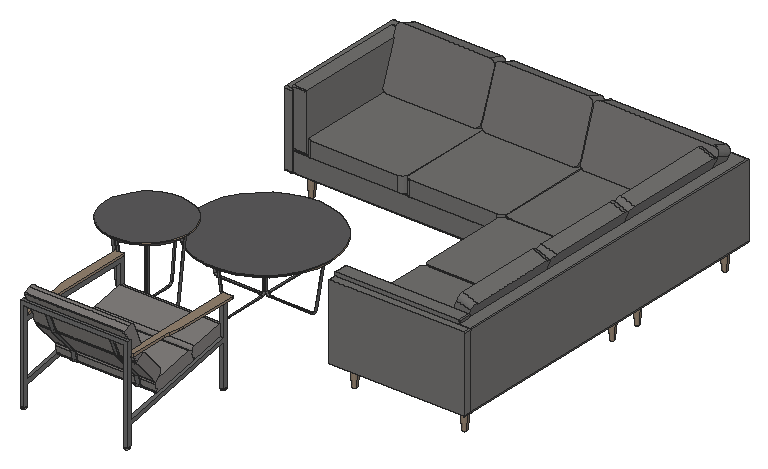
Revit family "Gus-Adelaide_Layout_01-Teknion-R2015", category Furniture Systems, Revit 2016
Family settings
  Part Type = Normal
  Round Connector Dimension = Use Diameter
  OmniClass Number = 23.40.70.14.64.21
  OmniClass Title = Systems Furniture
  Work Plane-Based = No
  Always vertical = Yes
  Cut with Voids When Loaded = No
  Shared = Yes
  Room Calculation Point = No
Parameters (values of type "Adelaide 01")
  Warranty = "https://d2r72yk5wmppdj.cloudfront.net/m/03d6e2ec3734b7d8/original/"
  URL = "http://www.teknion.com/ca/products/landing-pages/gus-modern"
  Type Comments = ""
  Series = "Gus Modern"  # constant formula
  Product Page URL = "http://teknionplanningtool.com/"
  Product Line = "Gus Modern"  # constant formula
  Model = "Gus - Adelaide Layout 01"
  Manufacturer Phone = "416.534.0773 x37"  # constant formula
  Manufacturer Fax = "416.534.2452"  # constant formula
  Manufacturer Contact Information = "Teknion@gusdesigngroup.com"
  Manufacturer Address = "223 Evans Avenue. Toronto, Ontario, Canada. M8Z 1J5"  # constant formula
  Manufacturer = "Gus* Modern"  # constant formula
  How to Add Texture Images to your Revit Project [instance] = "https://assets.teknion.com/m/205dd0a49fa58060/original/How-to-add-a-Material-Library-and-Texture-Images-to-your-Revit-project.pdf"
  Download Gus Texture Images to create renders [instance] = "https://assets.teknion.com/m/29cde7a75cc33916/original/Gus_Materials-Tileable.zip&sa=D&source=hangouts&ust=1586961390137000&usg=AFQjCNGxXSYn9ovBZDnVxL7hRXyzMWMijw"
  Description = "8'-2 1/2\"  x 11'-5 1/2\" Overall"
  Assembly Code = "E2020200"
Reference planes (in)
  plane 1 "Center F/B": y = 0
  plane 2: z = 0
  plane 3 "Center L/R": x = 0
  plane 4 "Top": z = 29
Lines and regions (in)
  reference lines
    curve 1: line (49.2427872, 68.717561, 0) -> (-49.2427872, 68.717561, 0)
    curve 2: line (49.2427872, -68.717561, 0) -> (49.2427872, 68.717561, 0)
    curve 3: line (-49.2427872, -68.717561, 0) -> (49.2427872, -68.717561, 0)
    curve 4: line (-49.2427872, 68.717561, 0) -> (-49.2427872, -68.717561, 0)
Dimensions and locks (in)
  locked: plane 4 "Top" to level at 29
  curve 1 to curve 3 = 137.43512"
  curve 4 to curve 2 = 98.48557"
  aligned and locked: level to plane 2
Nested families (in)
  nested 1: "Seating-Sofa-Teknion-ECSCADEL_Adelaide-R2015" at (3.0223148, 22.4970885, 0), type "Varsity Charcoal"
  nested 2: "Seating-Chair-Teknion-ECCHHALI_Halifax-R2015" at (-16.729694, -52.3403631, 0) x (-1, 0, 0) z (0, 0, 1), type "Black Powder Coat, Tartan Shadow"
  nested 3: "Table-Teknion-ECETARRR_Array-R2015" at (-38.4160156, -17.6963789, 0), type "Black Laminate"
  nested 4: "Table-Teknion-ECCTARRR_Array-R2015" at (-21.0153521, -0.9705206, 0), type "Black Laminate"
Definition of nested family "Seating-Sofa-Teknion-ECSCADEL_Adelaide-R2015"
  Parameters (values of type "Velvet Rust")
    Width = 93.000"
    Warranty = "https://d2r72yk5wmppdj.cloudfront.net/m/03d6e2ec3734b7d8/original/Gus-Limited-Warranty.pdf"
    Upholstery Finish = none
    URL = "http://www.teknion.com/ca/products/landing-pages/gus-modern"
    Series = "Gus Modern"
    Product Page URL = "http://www.teknion.com/ca/products/landing-pages/gus-modern"
    Product Line = "Adelaide"
    Part Number = "ECSCADEL"
    Model = "ECSCADEL-velrus"
    Manufacturer Phone = "416.534.0773 x37"
    Manufacturer Fax = "416.534.2452"
    Manufacturer Contact Information = "Teknion@gusdesigngroup.com"
    Manufacturer Address = "223 Evans Avenue. Toronto, Ontario. Canada. M8Z 1J5"
    Manufacturer = "Gus* Modern"  # constant formula
    Height = 31.000"
    Description = "Adelaide Bi-Sectional Velvet Rust"
    Depth = 93.000"
    Assembly Code = "E2020200"
  Types (4): name | Model | Description
    Leaside Driftwood | "ECSCADEL-leadri" | "Adelaide Bi-Sectional Leaside Driftwood"
    Varsity Charcoal | "ECSCADEL-varcha" | "Adelaide Bi-Sectional Varsity Charcoal"
    Velvet Mercury | "ECSCADEL-velmer" | "Adelaide Bi-Sectional Velvet Mercury"
    Velvet Rust | "ECSCADEL-velrus" | "Adelaide Bi-Sectional Velvet Rust"
  Reference planes (in)
    plane 1 "Center F/B": y = 0
    plane 2 "Bottom": z = 0
    plane 3 "Center L/R": x = 0
    plane 4 "Top": z = 29.913505
    plane 5 "Back Seat": through (0, 41.8562193, 29.3502954) normal (0, -0.9397, 0.342)
    plane 6 "Cushion Base": through (480, 38.3014775, 14.9044604) normal (0, 0.342, 0.9397)
    plane 7 "Masking Regions": z = 16.1210444
    plane 8: y = 46.2204724
    plane 9: y = -46.2204724
    plane 10: x = 46.2204724
    plane 11: x = -46.2204724
    plane 12 "Legs 1": y = 42.8732085
    plane 13 "Legs 4": y = -41.9543593
    plane 14 "Legs 2": y = 14.3299014
    plane 15 "Legs 3": y = 6.195247
    plane 16: through (43.7645572, -180, 33.2584536) normal (0.9397, 0, -0.342)
  Forms (in)
    Sweep 1, solid, material <- "Upholstery Finish"
      path origin (0, 0, 0) x (1, 0, 0) y (0, 1, 0)
        loop
          line (-44.2519685, 0) -> (-46.2204724, 0)
      profile origin (-45.2362205, 0, 0) x (0, -1, 0) y (0, 0, 1)
        loop
          arc (-46.2204724, 6.5492126) -> (-46.1472491, 6.3724359) -> (-45.9704724, 6.2992126) r 0.25
          line (-45.9704724, 6.2992126) -> (-11.0374016, 6.2992126)
          arc (-11.0374016, 6.2992126) -> (-10.8606249, 6.3724359) -> (-10.7874016, 6.5492126) r 0.25
          line (-10.7874016, 6.5492126) -> (-10.7874016, 25.734252)
          arc (-10.7874016, 25.734252) -> (-10.8606249, 25.9110287) -> (-11.0374016, 25.984252) r 0.25
          line (-11.0374016, 25.984252) -> (-45.9704724, 25.984252)
          arc (-45.9704724, 25.984252) -> (-46.1472491, 25.9110287) -> (-46.2204724, 25.734252) r 0.25
          line (-46.2204724, 25.734252) -> (-46.2204724, 6.5492126)
    Sweep 2, solid, material <- "Upholstery Finish"
      path origin (0, 0, 0) x (1, 0, 0) y (0, 1, 0)
        loop
          line (-44.2519685, 0) -> (0.0004724, 0) -> (0.0004724, -44.2519685)
      profile origin (-22.125748, 0, 0) x (0, 1, 0) y (0, 0, 1)
        loop
          line (11.0374016, 6.2992126) -> (45.9704724, 6.2992126)
          arc (45.9704724, 6.2992126) -> (46.1472491, 6.3724359) -> (46.2204724, 6.5492126) r 0.25
          line (46.2204724, 6.5492126) -> (46.2204724, 25.734252)
          arc (46.2204724, 25.734252) -> (46.1472491, 25.9110287) -> (45.9704724, 25.984252) r 0.25
          line (45.9704724, 25.984252) -> (43.0904817, 25.984252) -> (39.5804134, 15.9842071) -> (39.5893008, 10.8246572) -> (11.0459582, 11.8021689)
          arc (11.0459582, 11.8021689) -> (10.8636764, 11.7320919) -> (10.7874016, 11.5523154) r 0.25
          line (10.7874016, 11.5523154) -> (10.7874016, 6.5492126)
          arc (10.7874016, 6.5492126) -> (10.8606249, 6.3724359) -> (11.0374016, 6.2992126) r 0.25
    Revolve 3, solid
      sketch origin (0, 42.8732085, 0) x (-1, 0, 0) y (0, 0, 1)
        loop
          line (-6.0612531, 6.2992126) -> (-6.0612531, 0) -> (-5.7202982, 0) -> (-5.6675523, 0.1968504) -> (-5.510072, 0.1968504) -> (-5.076844, 6.2992126) -> (-6.0612531, 6.2992126)
        axis (-6.0612531, 6.2992126) -> (-6.0612531, 0)
      angle from 0 to 360
    Revolve 4, solid
      sketch origin (0, 42.8732085, 0) x (-1, 0, 0) y (0, 0, 1)
        loop
          line (-14.1242689, 6.2992126) -> (-15.108678, 6.2992126) -> (-14.67545, 0.1968504) -> (-14.5179697, 0.1968504) -> (-14.4652238, 0) -> (-14.1242689, 0) -> (-14.1242689, 6.2992126)
        axis (-14.1242689, 6.2992126) -> (-14.1242689, 0)
      angle from 0 to 360
    Revolve 5, solid
      sketch origin (0, 42.8732085, 0) x (-1, 0, 0) y (0, 0, 1)
        loop
          line (42.0883532, 6.2992126) -> (42.0883532, 0) -> (42.4293081, 0) -> (42.482054, 0.1968504) -> (42.6395343, 0.1968504) -> (43.0727623, 6.2992126) -> (42.0883532, 6.2992126)
        axis (42.0883532, 6.2992126) -> (42.0883532, 0)
      angle from 0 to 360
    Revolve 6, solid
      sketch origin (0, 42.8732085, 0) x (-1, 0, 0) y (0, 0, 1)
        loop
          line (-42.8196427, 6.2992126) -> (-43.8040518, 6.2992126) -> (-43.3708238, 0.1968504) -> (-43.2133435, 0.1968504) -> (-43.1605976, 0) -> (-42.8196427, 0) -> (-42.8196427, 6.2992126)
        axis (-42.8196427, 6.2992126) -> (-42.8196427, 0)
      angle from 0 to 360
    Sweep 7, void
      path origin (0, 23.498815, 2.7733149) x (0, 0.984808, -0.173648) y (0, 0.173648, 0.984808)
        loop
          line (17.8675885, 28.5853572) -> (10.3352879, 29.913505)
      profile origin (0, 42.4651311, 29.1296924) x (0, -0.34202, -0.939693) y (1, 0, 0)
        loop
          arc (-0.3081954, -39.208748) -> (0.1311444, -40.2694082) -> (1.1918046, -40.708748) r 1.5
          line (1.1918046, -40.708748) -> (13.2913989, -40.708748)
          arc (13.2913989, -40.708748) -> (14.3520591, -40.2694082) -> (14.7913989, -39.208748) r 1.5
          line (14.7913989, -39.208748) -> (14.7913989, -16.5107758)
          arc (14.7913989, -16.5107758) -> (14.3520591, -15.4501156) -> (13.2913989, -15.0107758) r 1.5
          line (13.2913989, -15.0107758) -> (1.1918046, -15.0107758)
          arc (1.1918046, -15.0107758) -> (0.1311444, -15.4501156) -> (-0.3081954, -16.5107758) r 1.5
          line (-0.3081954, -16.5107758) -> (-0.3081954, -39.208748)
        loop
          line (1.1918046, -14.8857758) -> (13.2913989, -14.8857758)
          arc (13.2913989, -14.8857758) -> (14.3520591, -14.4464359) -> (14.7913989, -13.3857758) r 1.5
          line (14.7913989, -13.3857758) -> (14.7913989, 9.2496965)
          arc (14.7913989, 9.2496965) -> (14.3520591, 10.3103567) -> (13.2913989, 10.7496965) r 1.5
          line (13.2913989, 10.7496965) -> (1.1918046, 10.7496965)
          arc (1.1918046, 10.7496965) -> (0.1311444, 10.3103567) -> (-0.3081954, 9.2496965) r 1.5
          line (-0.3081954, 9.2496965) -> (-0.3081954, -13.3857758)
          arc (-0.3081954, -13.3857758) -> (0.1311444, -14.4464359) -> (1.1918046, -14.8857758) r 1.5
        loop
          line (-0.3081954, 42.0242227) -> (-0.3081954, 12.3746965)
          arc (-0.3081954, 12.3746965) -> (0.1311444, 11.3140363) -> (1.1918046, 10.8746965) r 1.5
          line (1.1918046, 10.8746965) -> (13.2913989, 10.8746965)
          arc (13.2913989, 10.8746965) -> (14.3520591, 11.3140363) -> (14.7913989, 12.3746965) r 1.5
          line (14.7913989, 12.3746965) -> (14.7913989, 38.0166291)
          arc (14.7913989, 38.0166291) -> (14.5074259, 38.8948537) -> (13.7630278, 39.4405555) r 1.5
          line (13.7630278, 39.4405555) -> (1.6634335, 43.4481491)
          arc (1.6634335, 43.4481491) -> (0.3135801, 43.2402497) -> (-0.3081954, 42.0242227) r 1.5
        loop
          line (-4.393736, -42.0275591) -> (22.9034895, -42.0275591) -> (22.9034895, 46.2204724) -> (-4.393736, 46.2204724) -> (-4.393736, -42.0275591)
    Sweep 8, solid, material <- "Upholstery Finish"
      path origin (0, 23.498815, 2.7733149) x (0, 0.984808, -0.173648) y (0, 0.173648, 0.984808)
        loop
          line (13.5609008, 29.913505) -> (10.739118, 13.910379)
      profile origin (0, 39.2692073, 22.2425383) x (0, 0.939693, -0.34202) y (1, 0, 0)
        loop
          arc (-1.5961252, 43.9547972) -> (-2.2330354, 27.4147469) -> (-1.5961252, 10.8746965) r 215.0844102
          line (-1.5961252, 10.8746965) -> (2.1572071, 10.8746965)
          arc (2.1572071, 10.8746965) -> (2.7941173, 27.4147469) -> (2.1572071, 43.9547972) r 215.0844102
          line (2.1572071, 43.9547972) -> (-1.5961252, 43.9547972)
        loop
          line (-1.5961252, -40.708748) -> (2.1572071, -40.708748)
          arc (2.1572071, -40.708748) -> (2.7937569, -27.8597619) -> (2.1572071, -15.0107758) r 129.9989672
          line (2.1572071, -15.0107758) -> (-1.5961252, -15.0107758)
          arc (-1.5961252, -15.0107758) -> (-2.232675, -27.8597619) -> (-1.5961252, -40.708748) r 129.9989672
        loop
          line (-1.5961252, -14.8857758) -> (2.1572071, -14.8857758)
          arc (2.1572071, -14.8857758) -> (2.7937531, -2.0681926) -> (2.1633997, 10.7496965) r 129.9989672
          line (2.1633997, 10.7496965) -> (-1.6023178, 10.7496965)
          arc (-1.6023178, 10.7496965) -> (-2.2326712, -2.0681926) -> (-1.5961252, -14.8857758) r 129.9989672
    Sweep 9, solid, material <- "Upholstery Finish"
      path origin (0, 0, 0) x (1, 0, 0) y (0, 1, 0)
        loop
          line (0, 9.7678326) -> (0, 43.2678326)
      profile origin (0, 26.5178326, 0) x (-1, 0, 0) y (0, 0, 1)
        loop
          arc (41.9119105, 15.5851589) -> (28.431616, 16.1199227) -> (14.9482758, 15.6684291) r 184.5395072
          arc (14.9482758, 15.6684291) -> (2.0681208, 16.1207997) -> (-10.8121965, 15.6730756) r 184.5395072
          arc (-10.8121965, 15.6730756) -> (-25.9048084, 16.124179) -> (-40.9943426, 15.5797677) r 229.0165526
          line (-40.9943426, 15.5797677) -> (-41.0008496, 11.8021689) -> (41.9119105, 11.8021689) -> (41.9119105, 15.5851589)
    Sweep 10, void
      path origin (0, 0, 0) x (1, 0, 0) y (0, 0, 1)
        loop
          line (0, 19.913505) -> (0, 2.913505)
      profile origin (0, 0, 11.413505) x (0, -1, 0) y (1, 0, 0)
        loop
          arc (-11.9854115, -40.708748) -> (-10.9247513, -40.2694082) -> (-10.4854115, -39.208748) r 1.5
          line (-10.4854115, -39.208748) -> (-10.4854115, -16.5107758)
          arc (-10.4854115, -16.5107758) -> (-10.9247513, -15.4501156) -> (-11.9854115, -15.0107758) r 1.5
          line (-11.9854115, -15.0107758) -> (-40.6197895, -15.0107758) -> (-40.6197895, -40.708748) -> (-11.9854115, -40.708748)
        loop
          line (-10.4854115, -13.3857758) -> (-10.4854115, 9.2496965)
          arc (-10.4854115, 9.2496965) -> (-10.9247513, 10.3103567) -> (-11.9854115, 10.7496965) r 1.5
          line (-11.9854115, 10.7496965) -> (-40.6197895, 10.7496965) -> (-40.6197895, -14.8857758) -> (-11.9854115, -14.8857758)
          arc (-11.9854115, -14.8857758) -> (-10.9247513, -14.4464359) -> (-10.4854115, -13.3857758) r 1.5
        loop
          line (-11.9854115, 39.5808858) -> (-40.6197895, 39.5808858) -> (-40.6197895, 10.8746965) -> (-11.9854115, 10.8746965)
          arc (-11.9854115, 10.8746965) -> (-10.9247513, 11.3140363) -> (-10.4854115, 12.3746965) r 1.5
          line (-10.4854115, 12.3746965) -> (-10.4854115, 38.0808858)
          arc (-10.4854115, 38.0808858) -> (-10.9247513, 39.141546) -> (-11.9854115, 39.5808858) r 1.5
        loop
          line (-46.2204724, -46.2204724) -> (-7.4782726, -46.2204724) -> (-7.4782726, 46.2204724) -> (-46.2204724, 46.2204724) -> (-46.2204724, -46.2204724)
    Sweep 11, solid, material <- "Upholstery Finish"
      path origin (38.2598425, -16.7322835, 0) x (0, -1, 0) y (1, 0, 0)
        loop
          line (29.488189, -38.2598425) -> (27.519685, -38.2598425)
      profile origin (0, -45.2362205, 0) x (-1, 0, 0) y (0, 0, 1)
        loop
          arc (-46.2204724, 6.5492126) -> (-46.1472491, 6.3724359) -> (-45.9704724, 6.2992126) r 0.25
          line (-45.9704724, 6.2992126) -> (-11.0374016, 6.2992126)
          arc (-11.0374016, 6.2992126) -> (-10.8606249, 6.3724359) -> (-10.7874016, 6.5492126) r 0.25
          line (-10.7874016, 6.5492126) -> (-10.7874016, 25.734252)
          arc (-10.7874016, 25.734252) -> (-10.8606249, 25.9110287) -> (-11.0374016, 25.984252) r 0.25
          line (-11.0374016, 25.984252) -> (-45.9704724, 25.984252)
          arc (-45.9704724, 25.984252) -> (-46.1472491, 25.9110287) -> (-46.2204724, 25.734252) r 0.25
          line (-46.2204724, 25.734252) -> (-46.2204724, 6.5492126)
    Sweep 12, solid, material <- "Upholstery Finish"
      path origin (0, 0, 0) x (1, 0, 0) y (0, 1, 0)
        loop
          line (-44.2519685, 0) -> (-40.708748, 0)
      profile origin (-42.4803583, 0, 0) x (0, 1, 0) y (0, 0, 1)
        loop
          arc (11.0374016, 26.8704477) -> (10.8606249, 26.7972244) -> (10.7874016, 26.6204477) r 0.25
          line (10.7874016, 26.6204477) -> (10.7874016, 12.1126437)
          arc (10.7874016, 12.1126437) -> (10.8576251, 11.9389186) -> (11.0288449, 11.8627902) r 0.25
          line (11.0288449, 11.8627902) -> (39.5291938, 10.8867508) -> (39.5203958, 15.9943813) -> (43.2211381, 26.5376489)
          arc (43.2211381, 26.5376489) -> (43.189208, 26.7650166) -> (42.9852475, 26.8704477) r 0.25
          line (42.9852475, 26.8704477) -> (11.0374016, 26.8704477)
    Sweep 13, solid, material <- "Upholstery Finish"
      path origin (0, -84.9607165, 0) x (0, -1, 0) y (1, 0, 0)
        loop
          line (-44.2519685, 0) -> (-40.708748, 0)
      profile origin (0, -42.4803583, 0) x (1, 0, 0) y (0, 0, 1)
        loop
          arc (11.0374016, 26.8704477) -> (10.8606249, 26.7972244) -> (10.7874016, 26.6204477) r 0.25
          line (10.7874016, 26.6204477) -> (10.7874016, 12.1126437)
          arc (10.7874016, 12.1126437) -> (10.8576251, 11.9389186) -> (11.0288449, 11.8627902) r 0.25
          line (11.0288449, 11.8627902) -> (39.5291938, 10.8867508) -> (39.5203958, 15.9943813) -> (43.2211381, 26.5376489)
          arc (43.2211381, 26.5376489) -> (43.189208, 26.7650166) -> (42.9852475, 26.8704477) r 0.25
          line (42.9852475, 26.8704477) -> (11.0374016, 26.8704477)
    Sweep 14, solid, material <- "Upholstery Finish"
      path origin (0, -81.4174961, 0) x (0, -1, 0) y (1, 0, 0)
        loop
          line (-81.4174961, 9.7678326) -> (-81.4174961, 43.2678326)
      profile origin (26.5178326, 0, 0) x (0, 1, 0) y (0, 0, 1)
        loop
          line (11.3299014, 11.8021689) -> (11.3299014, 15.609583)
          arc (11.3299014, 15.609583) -> (-1.8148899, 16.1348202) -> (-14.9620648, 15.6730756) r 175.3435582
          arc (-14.9620648, 15.6730756) -> (-27.9785637, 16.1247824) -> (-40.9943426, 15.6527824) r 183.6440142
          line (-40.9943426, 15.6527824) -> (-40.9943426, 11.8021689) -> (11.3299014, 11.8021689)
    Sweep 15, void
      path origin (0, -81.4174961, 0) x (0, -1, 0) y (0, 0, 1)
        loop
          line (-81.4174961, 19.913505) -> (-81.4174961, 2.913505)
      profile origin (0, 0, 11.413505) x (-1, 0, 0) y (0, -1, 0)
        loop
          line (-10.4854115, -8.9854115) -> (-10.4854115, 13.3995648)
          arc (-10.4854115, 13.3995648) -> (-10.9247513, 14.4602249) -> (-11.9854115, 14.8995648) r 1.5
          line (-11.9854115, 14.8995648) -> (-40.6197895, 14.8995648) -> (-40.6197895, -10.4854115) -> (-11.9854115, -10.4854115)
          arc (-11.9854115, -10.4854115) -> (-10.9247513, -10.0460716) -> (-10.4854115, -8.9854115) r 1.5
        loop
          arc (-10.4854115, 39.208748) -> (-10.9247513, 40.2694082) -> (-11.9854115, 40.708748) r 1.5
          line (-11.9854115, 40.708748) -> (-40.6197895, 40.708748) -> (-40.6197895, 15.0245648) -> (-11.9854115, 15.0245648)
          arc (-11.9854115, 15.0245648) -> (-10.9247513, 15.4639046) -> (-10.4854115, 16.5245648) r 1.5
          line (-10.4854115, 16.5245648) -> (-10.4854115, 39.208748)
        loop
          line (-46.2204724, -14.3299014) -> (0, -14.3299014) -> (0, 46.2204724) -> (-46.2204724, 46.2204724) -> (-46.2204724, -14.3299014)
    Sweep 16, void
      path origin (0, 0, 0) x (1, 0, 0) y (0, 0, 1)
        loop
          line (45.8554298, 27.8217221) -> (38.6681922, 30.4376627)
      profile origin (42.261811, 0, 29.1296924) x (-0.34202, 0, -0.939693) y (0, -1, 0)
        loop
          arc (-0.3081954, -37.8415146) -> (0.3314399, -39.0702427) -> (1.7048348, -39.2510535) r 1.5
          line (1.7048348, -39.2510535) -> (13.8044291, -34.8471613)
          arc (13.8044291, -34.8471613) -> (14.520127, -34.2979871) -> (14.7913989, -33.4376224) r 1.5
          line (14.7913989, -33.4376224) -> (14.7913989, -12.1104115)
          arc (14.7913989, -12.1104115) -> (14.3520591, -11.0497513) -> (13.2913989, -10.6104115) r 1.5
          line (13.2913989, -10.6104115) -> (1.1918046, -10.6104115)
          arc (1.1918046, -10.6104115) -> (0.1311444, -11.0497513) -> (-0.3081954, -12.1104115) r 1.5
          line (-0.3081954, -12.1104115) -> (-0.3081954, -37.8415146)
        loop
          arc (-0.3081954, -8.9854115) -> (0.1311444, -10.0460716) -> (1.1918046, -10.4854115) r 1.5
          line (1.1918046, -10.4854115) -> (13.2913989, -10.4854115)
          arc (13.2913989, -10.4854115) -> (14.3520591, -10.0460716) -> (14.7913989, -8.9854115) r 1.5
          line (14.7913989, -8.9854115) -> (14.7913989, 13.3995648)
          arc (14.7913989, 13.3995648) -> (14.3520591, 14.4602249) -> (13.2913989, 14.8995648) r 1.5
          line (13.2913989, 14.8995648) -> (1.1918046, 14.8995648)
          arc (1.1918046, 14.8995648) -> (0.1311444, 14.4602249) -> (-0.3081954, 13.3995648) r 1.5
          line (-0.3081954, 13.3995648) -> (-0.3081954, -8.9854115)
        loop
          line (-0.3081954, 39.208748) -> (-0.3081954, 16.5245648)
          arc (-0.3081954, 16.5245648) -> (0.1311444, 15.4639046) -> (1.1918046, 15.0245648) r 1.5
          line (1.1918046, 15.0245648) -> (13.2913989, 15.0245648)
          arc (13.2913989, 15.0245648) -> (14.3520591, 15.4639046) -> (14.7913989, 16.5245648) r 1.5
          line (14.7913989, 16.5245648) -> (14.7913989, 39.208748)
          arc (14.7913989, 39.208748) -> (14.3520591, 40.2694082) -> (13.2913989, 40.708748) r 1.5
          line (13.2913989, 40.708748) -> (1.1918046, 40.708748)
          arc (1.1918046, 40.708748) -> (0.1311444, 40.2694082) -> (-0.3081954, 39.208748) r 1.5
        loop
          line (-4.393736, -42.0275591) -> (22.9034895, -42.0275591) -> (22.9034895, 46.2204724) -> (-4.393736, 46.2204724) -> (-4.393736, -42.0275591)
    Sweep 17, solid, material <- "Upholstery Finish"
      path origin (0, 0, 0) x (1, 0, 0) y (0, 0, 1)
        loop
          line (41.8448008, 29.8775408) -> (36.2869735, 14.6075358)
      profile origin (39.0658872, 0, 22.2425383) x (0.939693, 0, -0.34202) y (0, -1, 0)
        loop
          line (-1.6023178, 15.0245648) -> (2.1633997, 15.0245648)
          arc (2.1633997, 15.0245648) -> (2.7937449, 27.8666564) -> (2.1633997, 40.708748) r 131.1318362
          line (2.1633997, 40.708748) -> (-1.6023178, 40.708748)
          arc (-1.6023178, 40.708748) -> (-2.232663, 27.8666564) -> (-1.6023178, 15.0245648) r 131.1318362
        loop
          line (-1.6023178, -10.4854115) -> (2.1633997, -10.4854115)
          arc (2.1633997, -10.4854115) -> (2.7938849, 2.2070766) -> (2.1633997, 14.8995648) r 128.07339
          line (2.1633997, 14.8995648) -> (-1.6023178, 14.8995648)
          arc (-1.6023178, 14.8995648) -> (-2.232803, 2.2070766) -> (-1.6023178, -10.4854115) r 128.07339
        loop
          arc (-1.6023178, -10.6104115) -> (-2.2370805, -25.2371701) -> (-1.6023178, -39.8639288) r 168.8386837
          line (-1.6023178, -39.8639288) -> (2.1633997, -39.8639288)
          arc (2.1633997, -39.8639288) -> (2.7981624, -25.2371701) -> (2.1633997, -10.6104115) r 168.8386837
          line (2.1633997, -10.6104115) -> (-1.6023178, -10.6104115)
    Revolve 18, solid
      sketch origin (0, 14.3299014, 0) x (-1, 0, 0) y (0, 0, 1)
        loop
          line (-6.0612531, 6.2992126) -> (-6.0612531, 0) -> (-5.7202982, 0) -> (-5.6675523, 0.1968504) -> (-5.510072, 0.1968504) -> (-5.076844, 6.2992126) -> (-6.0612531, 6.2992126)
        axis (-6.0612531, 6.2992126) -> (-6.0612531, 0)
      angle from 0 to 360
    Revolve 19, solid
      sketch origin (0, 14.3299014, 0) x (-1, 0, 0) y (0, 0, 1)
        loop
          line (-14.1242689, 6.2992126) -> (-15.108678, 6.2992126) -> (-14.67545, 0.1968504) -> (-14.5179697, 0.1968504) -> (-14.4652238, 0) -> (-14.1242689, 0) -> (-14.1242689, 6.2992126)
        axis (-14.1242689, 6.2992126) -> (-14.1242689, 0)
      angle from 0 to 360
    Revolve 20, solid
      sketch origin (0, 14.3299014, 0) x (-1, 0, 0) y (0, 0, 1)
        loop
          line (42.0883532, 6.2992126) -> (42.0883532, 0) -> (42.4293081, 0) -> (42.482054, 0.1968504) -> (42.6395343, 0.1968504) -> (43.0727623, 6.2992126) -> (42.0883532, 6.2992126)
        axis (42.0883532, 6.2992126) -> (42.0883532, 0)
      angle from 0 to 360
    Revolve 21, solid
      sketch origin (0, 14.3299014, 0) x (-1, 0, 0) y (0, 0, 1)
        loop
          line (-42.8196427, 6.2992126) -> (-43.8040518, 6.2992126) -> (-43.3708238, 0.1968504) -> (-43.2133435, 0.1968504) -> (-43.1605976, 0) -> (-42.8196427, 0) -> (-42.8196427, 6.2992126)
        axis (-42.8196427, 6.2992126) -> (-42.8196427, 0)
      angle from 0 to 360
    Revolve 22, solid
      sketch origin (0, 6.195247, 0) x (-1, 0, 0) y (0, 0, 1)
        loop
          line (-14.1242689, 6.2992126) -> (-15.108678, 6.2992126) -> (-14.67545, 0.1968504) -> (-14.5179697, 0.1968504) -> (-14.4652238, 0) -> (-14.1242689, 0) -> (-14.1242689, 6.2992126)
        axis (-14.1242689, 6.2992126) -> (-14.1242689, 0)
      angle from 0 to 360
    Revolve 23, solid
      sketch origin (0, 6.195247, 0) x (-1, 0, 0) y (0, 0, 1)
        loop
          line (-42.8196427, 6.2992126) -> (-43.8040518, 6.2992126) -> (-43.3708238, 0.1968504) -> (-43.2133435, 0.1968504) -> (-43.1605976, 0) -> (-42.8196427, 0) -> (-42.8196427, 6.2992126)
        axis (-42.8196427, 6.2992126) -> (-42.8196427, 0)
      angle from 0 to 360
    Revolve 24, solid
      sketch origin (0, -41.9543593, 0) x (-1, 0, 0) y (0, 0, 1)
        loop
          line (-14.1242689, 6.2992126) -> (-15.108678, 6.2992126) -> (-14.67545, 0.1968504) -> (-14.5179697, 0.1968504) -> (-14.4652238, 0) -> (-14.1242689, 0) -> (-14.1242689, 6.2992126)
        axis (-14.1242689, 6.2992126) -> (-14.1242689, 0)
      angle from 0 to 360
    Revolve 25, solid
      sketch origin (0, -41.9543593, 0) x (-1, 0, 0) y (0, 0, 1)
        loop
          line (-42.8196427, 6.2992126) -> (-43.8040518, 6.2992126) -> (-43.3708238, 0.1968504) -> (-43.2133435, 0.1968504) -> (-43.1605976, 0) -> (-42.8196427, 0) -> (-42.8196427, 6.2992126)
        axis (-42.8196427, 6.2992126) -> (-42.8196427, 0)
      angle from 0 to 360
  Cuts and joins
    Sweep 15 cuts Sweep 1
    Sweep 15 cuts Revolve 3
    Sweep 15 cuts Revolve 4
    Sweep 15 cuts Revolve 5
    Sweep 15 cuts Revolve 6
    Sweep 15, Sweep 16 cuts Sweep 12
    Sweep 7, Sweep 15 cuts Sweep 8
    Sweep 10 cuts Sweep 9
    Sweep 15 cuts Sweep 14
    Sweep 16 cuts Sweep 17
    joined: Sweep 8, Sweep 9, Sweep 14, Sweep 17
  Dimensions and locks (in)
    locked: plane 4 "Top" to plane 2 "Bottom" at 29.913505
    plane 2 "Bottom" to Sweep 1 sketch curve to Sweep 1 sketch curve = 6.29921" locked, 19.68504" locked
    locked: Sweep 2 sketch curve to plane 2 "Bottom" at 6.2992126
    locked: Revolve 3 sketch curve to plane 2 "Bottom" at 6.2992126
    locked: Revolve 5 sketch curve to plane 2 "Bottom" at 6.2992126
    plane 5 "Back Seat" to plane 1 "Center F/B" = 42.06121"
    plane 5 "Back Seat" to plane 1 "Center F/B" = 31.17359"
    Sweep 8 sketch curve to plane 2 "Bottom" = 14.60754"
    locked: Sweep 9 sketch curve to plane 2 "Bottom" at 11.8021689
    Sweep 10 sketch curve to Sweep 10 sketch curve to plane 2 "Bottom" = 17.000" locked, 2.91351" locked
    locked: plane 7 "Masking Regions" to plane 2 "Bottom" at 16.1210444
    locked: Revolve 4 sketch curve to plane 2 "Bottom" at 6.2992126
    locked: Revolve 6 sketch curve to plane 2 "Bottom" at 6.2992126
    locked: plane 8 to plane 12 "Legs 1" at 3.3472639
    locked: plane 11 to Sweep 1 sketch curve at 1.9685039
    plane 2 "Bottom" to Sweep 11 sketch curve to Sweep 11 sketch curve = 6.29921" locked, 19.68504" locked
    locked: Sweep 11 sketch curve to plane 9 at 1.9685039
    equal spacing: plane 8, plane 1 "Center F/B", plane 9
    plane 8 to plane 9 = 92.44094"
    equal spacing: plane 11, plane 3 "Center L/R", plane 10
    locked: plane 11 to plane 10 at 92.4409449
    locked: plane 11 to Sweep 2 sketch curve at 1.9685039
    locked: Sweep 2 sketch curve to plane 9 at 1.9685039
    plane 11 to Sweep 12 sketch curve to Sweep 12 sketch curve = 1.9685" locked, 3.54322" locked
    locked: Sweep 12 sketch curve to plane 2 "Bottom" at 26.8704477
    locked: Sweep 12 sketch curve to plane 8 at 35.4330709
    Sweep 13 sketch curve to Sweep 13 sketch curve to plane 9 = 3.54322" locked, 1.9685" locked
    locked: plane 10 to Sweep 13 sketch curve at 35.4330709
    locked: Sweep 13 sketch curve to plane 2 "Bottom" at 26.8704477
    locked: Sweep 9 sketch curve to plane 3 "Center L/R" at 41.9119105
    locked: plane 1 "Center F/B" to Sweep 9 sketch curve at 9.7678326
    locked: plane 12 "Legs 1" to plane 2 "Bottom" at 32.1444502
    locked: plane 1 "Center F/B" to plane 5 "Back Seat" at 31.1735854
    locked: plane 12 "Legs 1" to plane 2 "Bottom" at 13.2404864
    locked: plane 14 "Legs 2" to plane 2 "Bottom" at 23.6294006
    locked: Sweep 8 sketch curve to plane 3 "Center L/R" at 14.8857758
    locked: Sweep 8 sketch curve to plane 5 "Back Seat" at 2.232675
    locked: Sweep 7 sketch curve to plane 3 "Center L/R" at 14.8857758
    locked: Sweep 7 sketch curve to profile plane at 4.393736
    Sweep 15 sketch curve to Sweep 15 sketch curve to plane 2 "Bottom" = 17.000" locked, 2.91351" locked
    plane 3 "Center L/R" to Sweep 14 sketch curve to Sweep 14 sketch curve = 9.76783" locked, 33.500" locked
    locked: Sweep 14 sketch curve to plane 2 "Bottom" at 11.8021689
    locked: plane 1 "Center F/B" to Sweep 14 sketch curve at 40.9943426
    locked: Sweep 16 sketch curve to profile plane at 4.393736
    locked: plane 10 to plane 16 at 3.673377
    Sweep 17 sketch curve to Sweep 17 sketch curve to plane 2 "Bottom" = 15.27001" locked, 14.60754" locked
    locked: Revolve 5 sketch curve to plane 11 at 4.1321192  (x2)
    locked: plane 10 to Revolve 6 sketch curve at 3.4008298  (x2)
    plane 1 "Center F/B" to plane 15 "Legs 3" to plane 14 "Legs 2" = 6.19525" locked, 8.13465" locked
    locked: plane 13 "Legs 4" to plane 9 at 4.2661131
    locked: Revolve 3 sketch curve to plane 3 "Center L/R" at 6.0612531  (x2)
    locked: Revolve 4 sketch curve to plane 3 "Center L/R" at 14.1242689  (x2)
    locked: Revolve 20 sketch curve to plane 11 at 4.1321192  (x2)
    locked: Revolve 18 sketch curve to plane 3 "Center L/R" at 6.0612531  (x2)
    locked: Revolve 19 sketch curve to plane 3 "Center L/R" at 14.1242689  (x2)
    locked: plane 10 to Revolve 21 sketch curve at 3.4008298  (x2)
    locked: Revolve 22 sketch curve to plane 3 "Center L/R" at 14.1242689  (x2)
    locked: Revolve 23 sketch curve to plane 10 at 3.4008298
    locked: plane 10 to Revolve 23 sketch curve at 3.4008298
    locked: Revolve 24 sketch curve to plane 3 "Center L/R" at 14.1242689  (x2)
    locked: plane 10 to Revolve 25 sketch curve at 3.4008298  (x2)
    locked: plane 10 to plane 16 at 14.5610024
    locked: plane 1 "Center F/B" to Sweep 17 sketch curve at 39.8639288
    locked: plane 3 "Center L/R" to Sweep 17 sketch curve at 41.0988179
    locked: Sweep 7 sketch curve to plane 2 "Bottom" at 7.6074523
    locked: Sweep 16 sketch curve to plane 2 "Bottom" at 7.6074523
    aligned and locked: level to plane 2 "Bottom"
    aligned and locked: plane 8 to Sweep 1 sketch curve
    aligned and locked: plane 11 to Sweep 1 sketch curve
    aligned and locked: Sweep 1 sketch curve to plane 1 "Center F/B"
    aligned and locked: plane 3 "Center L/R" to Sweep 11 sketch curve
    aligned and locked: plane 9 to Sweep 11 sketch curve
    aligned and locked: plane 10 to Sweep 11 sketch curve
    aligned and locked: Sweep 2 sketch curve to plane 8
    aligned and locked: plane 1 "Center F/B" to Sweep 12 sketch curve
    aligned and locked: plane 3 "Center L/R" to Sweep 9 sketch curve
    aligned and locked: Sweep 10 sketch curve to plane 8
    aligned and locked: plane 11 to Sweep 10 sketch curve
    aligned and locked: Sweep 10 sketch curve to plane 10
    aligned and locked: Sweep 7 sketch curve to plane 10
    aligned and locked: plane 1 "Center F/B" to Sweep 14 sketch curve
    aligned and locked: Sweep 15 sketch curve to plane 1 "Center F/B"
    aligned and locked: Sweep 15 sketch curve to plane 14 "Legs 2"
    aligned and locked: plane 3 "Center L/R" to Sweep 15 sketch curve
    aligned and locked: plane 9 to Sweep 15 sketch curve
    aligned and locked: Sweep 15 sketch curve to plane 10
    aligned and locked: Sweep 16 sketch curve to Sweep 13
    aligned and locked: plane 9 to Sweep 16 sketch curve
    aligned and locked: plane 2 "Bottom" to Revolve 20 sketch curve
    aligned and locked: plane 2 "Bottom" to Revolve 18 sketch curve
    aligned and locked: Revolve 19 sketch curve to plane 2 "Bottom"
    aligned and locked: plane 2 "Bottom" to Revolve 21 sketch curve
    aligned and locked: Revolve 22 sketch curve to plane 2 "Bottom"
    aligned and locked: plane 2 "Bottom" to Revolve 23 sketch curve
    aligned and locked: Revolve 24 sketch curve to plane 2 "Bottom"
    aligned and locked: plane 2 "Bottom" to Revolve 25 sketch curve
    aligned and locked: plane 3 "Center L/R" to nested 1
    aligned and locked: plane 1 "Center F/B" to nested 1
  Automatic sketch dimensions
    Sweep 1 sketch curve to Sweep 1 sketch curve = 0.250"  (x3)
    profile plane to Sweep 1 sketch curve = 11.0374"  (x2)
    plane 1 "Center F/B" to Sweep 2 sketch curve = 0.000"
    plane 3 "Center L/R" to Sweep 2 sketch curve = 0.00047"
    Sweep 2 sketch curve to Sweep 2 sketch curve = 0.250"  (x3)
    Sweep 2 sketch curve to Sweep 2 sketch curve = 2.87999"
    level to Sweep 2 sketch curve = 10.82466"
    Sweep 2 sketch curve to Sweep 2 sketch curve = 6.38117"
    level to Sweep 2 sketch curve = 15.98421"
    Sweep 2 sketch curve to Sweep 2 sketch curve = 0.00889"
    Sweep 2 sketch curve to profile plane = 11.04596"
    Sweep 2 sketch curve to Sweep 2 sketch curve = 0.00856"  (x2)
    Sweep 2 sketch curve to Sweep 2 sketch curve = 5.0031"
    Sweep 2 sketch curve to Sweep 2 sketch curve = 9.75004"
    Revolve 3 sketch curve to level = 0.000"
    Revolve 3 sketch curve to Revolve 3 sketch curve = 0.34095"
    level to Revolve 3 sketch curve = 0.19685"
    Revolve 3 sketch curve to Revolve 3 sketch curve = 0.05275"
    Revolve 3 sketch curve to Revolve 3 sketch curve = 0.15748"
    Revolve 3 sketch curve to Revolve 3 sketch curve = 0.98441"
    Revolve 3 sketch curve to level = 8.20079"
    Revolve 3 sketch curve to Revolve 3 sketch curve = 0.000"
    Revolve 4 sketch curve to level = 0.000"
    level to Revolve 4 sketch curve = 0.19685"
    Revolve 4 sketch curve to Revolve 4 sketch curve = 0.43323"
    Revolve 4 sketch curve to Revolve 4 sketch curve = 0.15748"
    Revolve 4 sketch curve to Revolve 4 sketch curve = 0.05275"
    Revolve 4 sketch curve to Revolve 4 sketch curve = 0.98441"
    Revolve 4 sketch curve to level = 8.20079"
    Revolve 4 sketch curve to Revolve 4 sketch curve = 0.000"
    Revolve 5 sketch curve to level = 0.000"
    Revolve 5 sketch curve to Revolve 5 sketch curve = 0.34095"
    level to Revolve 5 sketch curve = 0.19685"
    Revolve 5 sketch curve to Revolve 5 sketch curve = 0.05275"
    Revolve 5 sketch curve to Revolve 5 sketch curve = 0.15748"
    Revolve 5 sketch curve to Revolve 5 sketch curve = 0.98441"
    Revolve 5 sketch curve to level = 8.20079"
    Revolve 5 sketch curve to Revolve 5 sketch curve = 0.000"
    Revolve 6 sketch curve to level = 0.000"
    level to Revolve 6 sketch curve = 0.19685"
    Revolve 6 sketch curve to Revolve 6 sketch curve = 0.43323"
    Revolve 6 sketch curve to Revolve 6 sketch curve = 0.15748"
    Revolve 6 sketch curve to Revolve 6 sketch curve = 0.05275"
    Revolve 6 sketch curve to Revolve 6 sketch curve = 0.98441"
    Revolve 6 sketch curve to level = 8.20079"
    Revolve 6 sketch curve to Revolve 6 sketch curve = 0.000"
    Sweep 7 sketch curve to plane 4 "Top" = 0.52416"
    plane 5 "Back Seat" to Sweep 7 sketch curve = 3.17661"
    Sweep 7 sketch curve to Sweep 7 sketch curve = 7.5323"
    Sweep 7 sketch curve to Sweep 7 sketch curve = 1.32815"
    profile plane to Sweep 7 sketch curve = 0.3082"  (x3)
    Sweep 7 sketch curve to profile plane = 1.1918"  (x5)
    Sweep 7 sketch curve to Sweep 7 sketch curve = 0.000"  (x3)
    Sweep 7 sketch curve to Sweep 7 sketch curve = 0.47163"  (x2)
    Sweep 7 sketch curve to Sweep 7 sketch curve = 12.09959"  (x4)
    Sweep 7 sketch curve to Sweep 7 sketch curve = 1.500"  (x3)
    Sweep 7 sketch curve to Sweep 7 sketch curve = 9.14046"
    Sweep 7 sketch curve to Sweep 7 sketch curve = 0.125"  (x2)
    Sweep 7 sketch curve to Sweep 7 sketch curve = 22.69797"
    Sweep 7 sketch curve to Sweep 7 sketch curve = 2.81881"
    plane 3 "Center L/R" to Sweep 7 sketch curve = 9.2497"
    Sweep 7 sketch curve to Sweep 7 sketch curve = 8.20384"
    Sweep 7 sketch curve to Sweep 7 sketch curve = 4.19625"
    Sweep 8 sketch curve to plane 5 "Back Seat" = 0.000"  (x2)
    Sweep 8 sketch curve to Sweep 8 sketch curve = 2.82178"
    plane 3 "Center L/R" to Sweep 8 sketch curve = 27.41475"
    profile plane to Sweep 8 sketch curve = 212.29029"
    Sweep 8 sketch curve to plane 3 "Center L/R" = 2.03679"
    Sweep 8 sketch curve to Sweep 8 sketch curve = 85.08508"  (x2)
    Sweep 8 sketch curve to Sweep 8 sketch curve = 0.000"  (x4)
    profile plane to Sweep 8 sketch curve = 1.60232"
    Sweep 8 sketch curve to Sweep 8 sketch curve = 0.00619"  (x2)
    profile plane to Sweep 8 sketch curve = 1.59613"  (x3)
    Sweep 8 sketch curve to profile plane = 2.15721"  (x4)
    Sweep 8 sketch curve to Sweep 8 sketch curve = 0.125"  (x2)
    Sweep 8 sketch curve to Sweep 8 sketch curve = 25.82297"
    plane 12 "Legs 1" to Sweep 9 sketch curve = 0.39462"
    Sweep 9 sketch curve to profile plane = 27.86172"
    Sweep 9 sketch curve to profile plane = 2.03483"
    profile plane to Sweep 9 sketch curve = 25.19681"
    level to Sweep 9 sketch curve = 15.57977"
    profile plane to Sweep 9 sketch curve = 40.99434"
    Sweep 9 sketch curve to Sweep 9 sketch curve = 0.00651"
    Sweep 9 sketch curve to level = 168.4187"
    Sweep 9 sketch curve to Sweep 9 sketch curve = 0.000"
    Sweep 9 sketch curve to Sweep 9 sketch curve = 44.47257"
    Sweep 9 sketch curve to Sweep 9 sketch curve = 3.78299"
    level to Sweep 9 sketch curve = 15.66843"
    Sweep 10 sketch curve to plane 3 "Center L/R" = 0.000"
    profile plane to Sweep 10 sketch curve = 15.01078"
    Sweep 10 sketch curve to Sweep 10 sketch curve = 5.60068"
    Sweep 10 sketch curve to profile plane = 10.7497"
    Sweep 10 sketch curve to Sweep 10 sketch curve = 0.000"  (x4)
    Sweep 10 sketch curve to plane 1 "Center F/B" = 11.98541"  (x4)
    Sweep 10 sketch curve to Sweep 10 sketch curve = 1.500"  (x3)
    Sweep 10 sketch curve to Sweep 10 sketch curve = 4.50714"
    Sweep 10 sketch curve to Sweep 10 sketch curve = 5.51172"
    Sweep 10 sketch curve to Sweep 10 sketch curve = 0.125"  (x2)
    Sweep 10 sketch curve to Sweep 10 sketch curve = 8.13959"
    Sweep 11 sketch curve to Sweep 11 sketch curve = 0.250"  (x3)
    profile plane to Sweep 11 sketch curve = 11.0374"  (x2)
    Sweep 12 sketch curve to Sweep 12 sketch curve = 0.24144"
    Sweep 12 sketch curve to Sweep 12 sketch curve = 0.00856"
    Sweep 12 sketch curve to Sweep 12 sketch curve = 0.250"
    level to Sweep 12 sketch curve = 15.99438"
    Sweep 12 sketch curve to Sweep 12 sketch curve = 28.48299"
    level to Sweep 12 sketch curve = 10.88675"
    Sweep 12 sketch curve to Sweep 12 sketch curve = 0.0088"
    Sweep 12 sketch curve to Sweep 12 sketch curve = 3.46485"
    level to Sweep 12 sketch curve = 26.53765"
    Sweep 12 sketch curve to Sweep 12 sketch curve = 0.23589"
    level to Sweep 12 sketch curve = 11.86279"
    Sweep 13 sketch curve to plane 3 "Center L/R" = 0.000"
    Sweep 13 sketch curve to Sweep 13 sketch curve = 0.24144"
    Sweep 13 sketch curve to Sweep 13 sketch curve = 0.00856"
    Sweep 13 sketch curve to Sweep 13 sketch curve = 0.250"
    level to Sweep 13 sketch curve = 15.99438"
    Sweep 13 sketch curve to Sweep 13 sketch curve = 28.48299"
    level to Sweep 13 sketch curve = 10.88675"
    Sweep 13 sketch curve to Sweep 13 sketch curve = 0.0088"
    Sweep 13 sketch curve to Sweep 13 sketch curve = 3.46485"
    level to Sweep 13 sketch curve = 26.53765"
    Sweep 13 sketch curve to Sweep 13 sketch curve = 0.23589"
    level to Sweep 13 sketch curve = 11.86279"
    profile plane to Sweep 14 sketch curve = 27.83541"
    profile plane to Sweep 14 sketch curve = 2.23833"
    Sweep 14 sketch curve to profile plane = 11.3299"
    Sweep 14 sketch curve to level = 159.20823"
    Sweep 14 sketch curve to Sweep 14 sketch curve = 8.31095"
    Sweep 14 sketch curve to Sweep 14 sketch curve = 3.80741"
    Sweep 14 sketch curve to Sweep 14 sketch curve = 3.85061"
    Sweep 15 sketch curve to profile plane = 14.89956"
    Sweep 15 sketch curve to Sweep 15 sketch curve = 5.60068"  (x2)
    Sweep 15 sketch curve to profile plane = 11.98541"  (x3)
    Sweep 15 sketch curve to Sweep 15 sketch curve = 0.000"
    Sweep 15 sketch curve to Sweep 15 sketch curve = 1.500"  (x2)
    profile plane to Sweep 15 sketch curve = 10.48541"
    Sweep 15 sketch curve to Sweep 15 sketch curve = 0.125"
    Sweep 15 sketch curve to Sweep 15 sketch curve = 7.01172"
    Sweep 17 sketch curve to plane 10 = 9.9335"
    Sweep 17 sketch curve to plane 10 = 4.37567"
    Sweep 16 sketch curve to plane 4 "Top" = 0.52416"
    Sweep 16 sketch curve to plane 10 = 7.55228"
    Sweep 16 sketch curve to plane 10 = 0.36504"
    plane 4 "Top" to Sweep 16 sketch curve = 2.09178"
    Sweep 17 sketch curve to plane 1 "Center F/B" = 25.23717"
    profile plane to Sweep 17 sketch curve = 166.04052"
    plane 1 "Center F/B" to Sweep 17 sketch curve = 27.86666"
    Sweep 17 sketch curve to Sweep 17 sketch curve = 37.70243"
    plane 1 "Center F/B" to Sweep 17 sketch curve = 2.20708"
    Sweep 17 sketch curve to Sweep 17 sketch curve = 3.05859"  (x2)
    profile plane to Sweep 17 sketch curve = 1.60232"  (x4)
    Sweep 17 sketch curve to Sweep 17 sketch curve = 0.000"  (x4)
    Sweep 17 sketch curve to profile plane = 2.1634"  (x4)
    Sweep 17 sketch curve to Sweep 17 sketch curve = 123.67719"
    Sweep 17 sketch curve to Sweep 17 sketch curve = 40.76102"
    Sweep 17 sketch curve to Sweep 17 sketch curve = 0.125"  (x2)
    profile plane to Sweep 16 sketch curve = 0.3082"  (x3)
    Sweep 16 sketch curve to profile plane = 1.1918"  (x5)
    Sweep 16 sketch curve to Sweep 16 sketch curve = 0.000"  (x3)
    Sweep 16 sketch curve to Sweep 16 sketch curve = 0.51303"  (x2)
    Sweep 16 sketch curve to Sweep 16 sketch curve = 12.09959"  (x4)
    Sweep 16 sketch curve to Sweep 16 sketch curve = 1.500"  (x3)
    Sweep 16 sketch curve to Sweep 16 sketch curve = 9.09906"
    plane 1 "Center F/B" to Sweep 16 sketch curve = 16.52456"
    Sweep 16 sketch curve to Sweep 16 sketch curve = 0.125"  (x2)
    Sweep 16 sketch curve to plane 1 "Center F/B" = 8.98541"
    Sweep 16 sketch curve to Sweep 16 sketch curve = 21.32721"
    Sweep 16 sketch curve to Sweep 16 sketch curve = 4.40389"
    Sweep 16 sketch curve to Sweep 16 sketch curve = 7.1804"
    Revolve 18 sketch curve to Revolve 18 sketch curve = 0.34095"
    level to Revolve 18 sketch curve = 0.19685"
    Revolve 18 sketch curve to Revolve 18 sketch curve = 0.05275"
    Revolve 18 sketch curve to Revolve 18 sketch curve = 0.15748"
    Revolve 18 sketch curve to Revolve 18 sketch curve = 0.98441"
    Revolve 18 sketch curve to Revolve 18 sketch curve = 6.10236"
    Revolve 18 sketch curve to level = 8.20079"
    Revolve 18 sketch curve to Revolve 18 sketch curve = 0.000"
    level to Revolve 19 sketch curve = 6.29921"
    level to Revolve 19 sketch curve = 0.19685"
    Revolve 19 sketch curve to Revolve 19 sketch curve = 0.43323"
    Revolve 19 sketch curve to Revolve 19 sketch curve = 0.15748"
    Revolve 19 sketch curve to Revolve 19 sketch curve = 0.05275"
    Revolve 19 sketch curve to Revolve 19 sketch curve = 0.98441"
    Revolve 19 sketch curve to level = 8.20079"
    Revolve 19 sketch curve to Revolve 19 sketch curve = 0.000"
    Revolve 20 sketch curve to Revolve 20 sketch curve = 0.34095"
    level to Revolve 20 sketch curve = 0.19685"
    Revolve 20 sketch curve to Revolve 20 sketch curve = 0.05275"
    Revolve 20 sketch curve to Revolve 20 sketch curve = 0.15748"
    Revolve 20 sketch curve to Revolve 20 sketch curve = 0.98441"
    Revolve 20 sketch curve to Revolve 20 sketch curve = 6.10236"
    Revolve 20 sketch curve to level = 8.20079"
    Revolve 20 sketch curve to Revolve 20 sketch curve = 0.000"
    level to Revolve 21 sketch curve = 0.19685"
    Revolve 21 sketch curve to plane 10 = 2.84965"
    Revolve 21 sketch curve to Revolve 21 sketch curve = 0.15748"
    Revolve 21 sketch curve to Revolve 21 sketch curve = 0.05275"
    Revolve 21 sketch curve to Revolve 21 sketch curve = 0.98441"
    Revolve 21 sketch curve to Revolve 21 sketch curve = 6.10236"
    Revolve 21 sketch curve to level = 8.20079"
    Revolve 21 sketch curve to Revolve 21 sketch curve = 0.000"
    level to Revolve 22 sketch curve = 6.29921"
    level to Revolve 22 sketch curve = 0.19685"
    Revolve 22 sketch curve to Revolve 22 sketch curve = 0.43323"
    Revolve 22 sketch curve to Revolve 22 sketch curve = 0.15748"
    Revolve 22 sketch curve to Revolve 22 sketch curve = 0.05275"
    Revolve 22 sketch curve to Revolve 22 sketch curve = 0.98441"
    Revolve 22 sketch curve to level = 8.20079"
    Revolve 22 sketch curve to Revolve 22 sketch curve = 0.000"
    level to Revolve 23 sketch curve = 0.19685"
    Revolve 23 sketch curve to plane 10 = 2.84965"
    Revolve 23 sketch curve to Revolve 23 sketch curve = 0.15748"
    Revolve 23 sketch curve to Revolve 23 sketch curve = 0.05275"
    Revolve 23 sketch curve to Revolve 23 sketch curve = 0.98441"
    Revolve 23 sketch curve to Revolve 23 sketch curve = 6.10236"
    Revolve 23 sketch curve to level = 8.20079"
    Revolve 23 sketch curve to Revolve 23 sketch curve = 0.000"
    level to Revolve 24 sketch curve = 6.29921"
    level to Revolve 24 sketch curve = 0.19685"
    Revolve 24 sketch curve to Revolve 24 sketch curve = 0.43323"
    Revolve 24 sketch curve to Revolve 24 sketch curve = 0.15748"
    Revolve 24 sketch curve to Revolve 24 sketch curve = 0.05275"
    Revolve 24 sketch curve to Revolve 24 sketch curve = 0.98441"
    Revolve 24 sketch curve to level = 8.20079"
    Revolve 24 sketch curve to Revolve 24 sketch curve = 0.000"
    level to Revolve 25 sketch curve = 0.19685"
    Revolve 25 sketch curve to plane 10 = 2.84965"
    Revolve 25 sketch curve to Revolve 25 sketch curve = 0.15748"
    Revolve 25 sketch curve to Revolve 25 sketch curve = 0.05275"
    Revolve 25 sketch curve to Revolve 25 sketch curve = 0.98441"
    Revolve 25 sketch curve to Revolve 25 sketch curve = 6.10236"
    Revolve 25 sketch curve to level = 8.20079"
    Revolve 25 sketch curve to Revolve 25 sketch curve = 0.000"
  Nested families (in)
    nested 1: "Seating-Bi_Sectional-Teknion-Adelaide-2D" at (-0.0097118, 0, 16.1210444), type "2D Symbol"
  Definition of nested family "Seating-Bi_Sectional-Teknion-Adelaide-2D"
    Parameters (values of type "2D Symbol")
      Without Back = not(With Back)  # yes
      With Back = no
    Reference planes (in)
      plane 1 "Center (Front/Back)": y = 0
      plane 2: z = 0
      plane 3 "Center (Left/Right)": x = 0.0097118
    Lines and regions (in)
      Masking region 1, in view "Ref. Level"
        outline origin (0, 0, 0) x (1, 0, 0) y (0, 1, 0)
          loop
            line (46.0333338, 46.2204724) -> (11.0881224, 46.2204724)
            arc (11.0881224, 46.2204724) -> (10.9489282, 46.1628163) -> (10.891272, 46.023622) r 0.1968504
            arc (10.891272, 46.023622) -> (10.8336159, 46.1628163) -> (10.6944216, 46.2204724) r 0.1968504
            line (10.6944216, 46.2204724) -> (-46.0139103, 46.2204724)
            arc (-46.0139103, 46.2204724) -> (-46.1531045, 46.1628163) -> (-46.2107607, 46.023622) r 0.1968504
            line (-46.2107607, 46.023622) -> (-46.2107607, 10.984252)
            arc (-46.2107607, 10.984252) -> (-46.1531045, 10.8450577) -> (-46.0139103, 10.7874016) r 0.1968504
            line (-46.0139103, 10.7874016) -> (-44.2422567, 10.7874016)
            arc (-44.2422567, 10.7874016) -> (-42.4479168, 10.5749615) -> (-40.6535769, 10.7874016) r 7.6840161
            line (-40.6535769, 10.7874016) -> (-40.292048, 10.7874016)
            arc (-40.292048, 10.7874016) -> (-40.1594077, 10.6872417) -> (-40.0131942, 10.6082036) r 1.100307
            arc (-40.0131942, 10.6082036) -> (-39.6310693, 10.4819749) -> (-39.2346482, 10.4126684) r 2.7594688
            arc (-39.2346482, 10.4126684) -> (-38.1125956, 10.3269695) -> (-36.9877317, 10.2949125) r 23.5751339
            line (-36.9877317, 10.2949125) -> (-18.5658567, 10.2949125)
            arc (-18.5658567, 10.2949125) -> (-17.4409929, 10.3269695) -> (-16.3189403, 10.4126684) r 23.5751339
            arc (-16.3189403, 10.4126684) -> (-15.9225192, 10.4819749) -> (-15.5403943, 10.6082036) r 2.7594688
            arc (-15.5403943, 10.6082036) -> (-15.1664676, 10.8820928) -> (-14.9385055, 11.285664) r 1.100307
            arc (-14.9385055, 11.285664) -> (-14.7105435, 10.8820928) -> (-14.3366168, 10.6082036) r 1.100307
            arc (-14.3366168, 10.6082036) -> (-13.9544919, 10.4819749) -> (-13.5580708, 10.4126684) r 2.7594688
            arc (-13.5580708, 10.4126684) -> (-12.4360182, 10.3269695) -> (-11.3111543, 10.2949125) r 23.5751339
            line (-11.3111543, 10.2949125) -> (7.2170455, 10.2949125)
            arc (7.2170455, 10.2949125) -> (8.3419093, 10.3269695) -> (9.4639619, 10.4126684) r 23.5751339
            arc (9.4639619, 10.4126684) -> (9.8603831, 10.4819749) -> (10.2425079, 10.6082036) r 2.7594688
            arc (10.2425079, 10.6082036) -> (10.6946128, 10.9809555) -> (10.891272, 11.5329229) r 1.100307
            line (10.891272, 11.5329229) -> (10.891272, 12.2092464)
            arc (10.891272, 12.2092464) -> (11.2793609, 11.2723169) -> (12.2162905, 10.884228) r 1.3250184
            line (12.2162905, 10.884228) -> (11.5426307, 10.884228)
            arc (11.5426307, 10.884228) -> (10.9906633, 10.6875688) -> (10.6179114, 10.2354639) r 1.100307
            arc (10.6179114, 10.2354639) -> (10.4916827, 9.853339) -> (10.4223762, 9.4569179) r 2.7594688
            arc (10.4223762, 9.4569179) -> (10.3366774, 8.3348653) -> (10.3046203, 7.2100014) r 23.5751339
            line (10.3046203, 7.2100014) -> (10.3046203, -11.3181984)
            arc (10.3046203, -11.3181984) -> (10.3366774, -12.4430623) -> (10.4223762, -13.5651149) r 23.5751339
            arc (10.4223762, -13.5651149) -> (10.4916827, -13.961536) -> (10.6179114, -14.3436609) r 2.7594688
            arc (10.6179114, -14.3436609) -> (10.8918006, -14.7175875) -> (11.2953718, -14.9455496) r 1.100307
            arc (11.2953718, -14.9455496) -> (10.8918006, -15.1735117) -> (10.6179114, -15.5474383) r 1.100307
            arc (10.6179114, -15.5474383) -> (10.4916827, -15.9295632) -> (10.4223762, -16.3259843) r 2.7594688
            arc (10.4223762, -16.3259843) -> (10.3366774, -17.448037) -> (10.3046203, -18.5729008) r 23.5751339
            line (10.3046203, -18.5729008) -> (10.3046203, -36.9965797)
            arc (10.3046203, -36.9965797) -> (10.3366587, -38.121876) -> (10.4223801, -39.24436) r 23.5751339
            arc (10.4223801, -39.24436) -> (10.4916867, -39.6407811) -> (10.6179154, -40.022906) r 2.7594688
            arc (10.6179154, -40.022906) -> (10.6969535, -40.1691195) -> (10.7971134, -40.3017597) r 1.100307
            line (10.7971134, -40.3017597) -> (10.7971134, -40.6632887)
            arc (10.7971134, -40.6632887) -> (10.5846732, -42.4576286) -> (10.7971134, -44.2519685) r 7.6840161
            line (10.7971134, -44.2519685) -> (10.7971134, -46.023622)
            arc (10.7971134, -46.023622) -> (10.8547695, -46.1628163) -> (10.9939638, -46.2204724) r 0.1968504
            line (10.9939638, -46.2204724) -> (46.0333338, -46.2204724)
            arc (46.0333338, -46.2204724) -> (46.1725281, -46.1628163) -> (46.2301842, -46.023622) r 0.1968504
            line (46.2301842, -46.023622) -> (46.2301842, 10.6873776)
            arc (46.2301842, 10.6873776) -> (46.1725281, 10.8265718) -> (46.0333338, 10.884228) r 0.1968504
            arc (46.0333338, 10.884228) -> (46.1725281, 10.9418841) -> (46.2301842, 11.0810784) r 0.1968504
            line (46.2301842, 11.0810784) -> (46.2301842, 46.023622)
            arc (46.2301842, 46.023622) -> (46.1725281, 46.1628163) -> (46.0333338, 46.2204724) r 0.1968504
      detail lines, in view "Ref. Level"
        curve 1: line (-44.2422567, 43.0400783, 0) -> (-40.6535769, 43.0400783, 0)
        curve 2: line (-44.2422567, 10.7874016, 0) -> (-44.2422567, 46.2204724, 0)
        curve 3: line (-40.6535769, 10.7874016, 0) -> (-40.6535769, 43.0400783, 0)
        curve 4: line (-14.9385055, 11.285664, 0) -> (-14.9385055, 42.4507299, 0)
        curve 5: line (10.891272, 12.2092464, 0) -> (10.891272, 42.4507299, 0)
        curve 37: line (10.7971134, -44.2519685, 0) -> (46.2301842, -44.2519685, 0)
        curve 38: line (-37.5058119, 43.811842, 0) -> (-18.0862706, 43.811842, 0)
        curve 39: arc (-39.2757835, 43.78707, 0) -> (-38.3908843, 43.8056487, 0) -> (-37.5058119, 43.811842, 0) r 63.2450011
        curve 40: arc (-39.2757835, 35.3198838, 0) -> (-38.3908843, 35.3013051, 0) -> (-37.5058119, 35.2951118, 0) r 63.2450011
        curve 41: line (-37.5058119, 35.2951118, 0) -> (-18.0862706, 35.2951118, 0)
        curve 43: line (-15.6691073, 35.3804736, 0) -> (-16.316299, 35.3198838, 0)
        curve 45: line (-14.9385055, 42.4507299, 0) -> (-15.6361285, 43.721074, 0)
        curve 46: line (-15.6361111, 35.3858819, 0) -> (-14.9385055, 36.6562239, 0)
        curve 47: line (-15.6361285, 43.721074, 0) -> (-16.316299, 43.78707, 0)
        curve 48: arc (-16.316299, 43.78707, 0) -> (-17.2011981, 43.8056487, 0) -> (-18.0862706, 43.811842, 0) r 63.2450011
        curve 49: arc (-16.316299, 35.3198838, 0) -> (-17.2011981, 35.3013051, 0) -> (-18.0862706, 35.2951118, 0) r 63.2450011
        curve 51: line (-14.2079038, 35.3804736, 0) -> (-13.5607121, 35.3198838, 0)
        curve 53: line (-14.9385055, 42.4507299, 0) -> (-14.2408826, 43.721074, 0)
        curve 54: line (-14.2409, 35.3858819, 0) -> (-14.9385055, 36.6562239, 0)
        curve 55: line (-14.2408826, 43.721074, 0) -> (-13.5607121, 43.78707, 0)
        curve 56: arc (-13.5607121, 43.78707, 0) -> (-12.675813, 43.8056487, 0) -> (-11.7907405, 43.811842, 0) r 63.2450011
        curve 57: arc (-13.5607121, 35.3198838, 0) -> (-12.675813, 35.3013051, 0) -> (-11.7907405, 35.2951118, 0) r 63.2450011
        curve 59: line (10.1606703, 35.3804736, 0) -> (9.5134786, 35.3198838, 0)
        curve 61: line (10.891272, 42.4507299, 0) -> (10.1936491, 43.721074, 0)
        curve 62: line (10.1936665, 35.3858819, 0) -> (10.891272, 36.6562239, 0)
        curve 63: line (10.1936491, 43.721074, 0) -> (9.5134786, 43.78707, 0)
        curve 64: arc (9.5134786, 43.78707, 0) -> (8.6285795, 43.8056487, 0) -> (7.743507, 43.811842, 0) r 63.2450011
        curve 65: arc (9.5134786, 35.3198838, 0) -> (8.6285795, 35.3013051, 0) -> (7.743507, 35.2951118, 0) r 63.2450011
        curve 66: line (-11.7907405, 43.811842, 0) -> (7.743507, 43.811842, 0)
        curve 67: line (-11.7907405, 35.2951118, 0) -> (7.743507, 35.2951118, 0)
        curve 70: line (11.6218738, 35.3804736, 0) -> (12.2690654, 35.3198838, 0)
        curve 72: line (10.891272, 42.4507299, 0) -> (11.588895, 43.721074, 0)
        curve 73: line (11.5888775, 35.3858819, 0) -> (10.891272, 36.6562239, 0)
        curve 74: line (11.588895, 43.721074, 0) -> (12.2690654, 43.78707, 0)
        curve 75: arc (12.2690654, 43.78707, 0) -> (13.1539646, 43.8056487, 0) -> (14.039037, 43.811842, 0) r 63.2450011
        curve 76: arc (12.2690654, 35.3198838, 0) -> (13.1539646, 35.3013051, 0) -> (14.039037, 35.2951118, 0) r 63.2450011
        curve 77: line (14.039037, 43.811842, 0) -> (43.3867238, 43.811842, 0)
        curve 79: line (14.039037, 35.2951118, 0) -> (35.6751735, 35.2951118, 0)
        curve 80: line (12.2162905, 10.884228, 0) -> (43.81331, 10.8845188, 0)
        curve 81: line (11.2953718, -14.9455496, 0) -> (42.4555838, -14.9455496, 0)
        curve 82: line (43.0497901, -44.2519685, 0) -> (43.0497901, -40.3017597, 0)
        curve 83: line (10.7971134, -40.3017597, 0) -> (43.0497901, -40.3017597, 0)
        curve 86: line (35.3901854, -39.571158, 0) -> (35.3295956, -38.9239663, 0)
        curve 88: line (42.4604416, -40.3017597, 0) -> (43.7307858, -39.6041368, 0)
        curve 89: line (35.3955936, -39.6041542, 0) -> (36.6659357, -40.3017597, 0)
        curve 90: line (43.7307858, -39.6041368, 0) -> (43.7967818, -38.9239663, 0)
        curve 91: line (43.8215538, -37.1539947, 0) -> (43.8215538, -17.7344534, 0)
        curve 92: arc (43.7967818, -38.9239663, 0) -> (43.8153605, -38.0390672, 0) -> (43.8215538, -37.1539947, 0) r 63.2450011
        curve 93: arc (35.3295956, -38.9239663, 0) -> (35.3110169, -38.0390672, 0) -> (35.3048236, -37.1539947, 0) r 63.2450011
        curve 94: line (35.3048236, -37.1539947, 0) -> (35.3048236, -17.7344534, 0)
        curve 96: line (35.3901854, -15.6788191, 0) -> (35.3295956, -16.3260108, 0)
        curve 98: line (42.4555838, -14.9455496, 0) -> (43.7307858, -15.6458403, 0)
        curve 99: line (35.3955936, -15.6458228, 0) -> (36.6707936, -14.9455496, 0)
        curve 100: line (43.7307858, -15.6458403, 0) -> (43.7967818, -16.3260108, 0)
        curve 101: arc (43.7967818, -16.3260108, 0) -> (43.8153605, -17.2109099, 0) -> (43.8215538, -18.0959823, 0) r 63.2450011
        curve 102: arc (35.3295956, -16.3260108, 0) -> (35.3110169, -17.2109099, 0) -> (35.3048236, -18.0959823, 0) r 63.2450011
        curve 104: line (35.3901854, -14.2122801, 0) -> (35.3295956, -13.5650885, 0)
        curve 106: line (42.4555838, -14.9455496, 0) -> (43.7307858, -14.2452589, 0)
        curve 107: line (35.3955936, -14.2452764, 0) -> (36.6707936, -14.9455496, 0)
        curve 108: line (43.7307858, -14.2452589, 0) -> (43.7967818, -13.5650885, 0)
